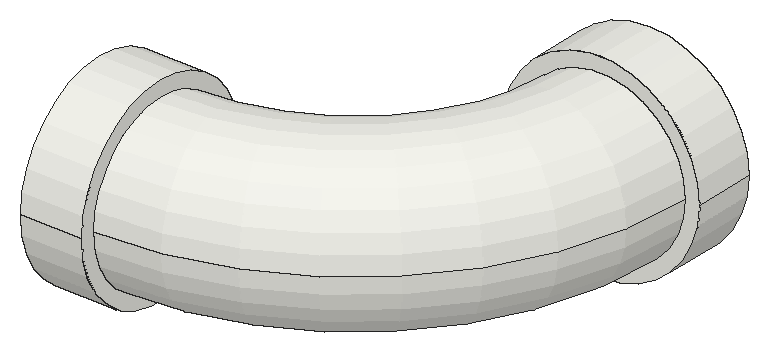
Revit family "Curva_Longa", category Pipe Fittings, Revit 2025
Family settings
  Round Connector Dimension = Use Radius
  Part Type = Elbow
  OmniClass Number = 23.60.30.11.14
  OmniClass Title = Pipework Fittings
  Work Plane-Based = No
  Always vertical = Yes
  Cut with Voids When Loaded = No
  Shared = No
Parameters (values of type "CurvaL")
  Wall Thickness [instance] = size_lookup(Lookup Table Name, "WThk", 0.02 * Nominal Diameter + 33/256", Nominal Diameter)  # 0.156"
  Tick Size [instance] = Fitting Outside Diameter * 0.4  # 0.76"
  Loss Method = Not Defined
  Lookup Table Name = "Bend Long Sweep - PVC - Sch 40 - DWV"
  Length 4 [instance] = Length 1 * sin(Angle)  # 3.437"
  Length 3 [instance] = Length 1 * cos(Angle) + Length 1 - Socket Depth  # 2 3/4"
  Fitting Outside Radius [instance] = Fitting Outside Diameter / 2  # 0.95"
  Fitting Outside Diameter [instance] = size_lookup(Lookup Table Name, "FOD", 1.04 * Nominal Diameter + 23/64", Nominal Diameter)  # 1.9"
  Length 2 [instance] = (Fitting Outside Radius + 1/32") * tan(Angle / 2) + Socket Depth  # 1.66825"
  Nominal Radius [instance] = 3/4"
  Nominal Diameter [instance] = Nominal Radius * 2  # 1 1/2"
  Socket Entrance Diameter [instance] = size_lookup(Lookup Table Name, "SED", 1.04 * Nominal Diameter + 95/256", Nominal Diameter)  # 1.915"
  Length 1 [instance] = if(Center to End > Fitting Outside Radius * tan(Angle / 2) + Socket Depth, Center to End, Length 2)  # 3.437"
  Default Elevation = 0' - 0"
  Center to Socket Bottom [instance] = size_lookup(Lookup Table Name, "CtSB", 1.36 * Nominal Diameter + 41/128", Nominal Diameter)  # 2 3/4"
  Center to End [instance] = Center to Socket Bottom + Socket Depth  # 3.437"
  Center Radius [instance] = (Length 1 - Socket Depth) / tan(Angle / 2)  # 2 3/4"
  Socket Depth [instance] = size_lookup(Lookup Table Name, "SDpt", 0.5 * Nominal Diameter, Nominal Diameter)  # 0.687"
  Socket Outside Radius [instance] = Socket Outside Diameter / 2  # 1.1135"
  Socket Outside Diameter [instance] = Socket Entrance Diameter + Wall Thickness * 2  # 2.227"
  Assembly Code = ""
  Angle [instance] = 90.00°
Reference planes (in)
  plane 1 "Center (Front/Back)": y = 0
  plane 2: z = 0
  plane 3 "Center (Left/Right)": x = 0
  plane 4: x = -2.75
  plane 5: x = -3.437
  plane 6: y = 2.75
  plane 7: y = 0.76
  plane 8: y = -0.76
  plane 9: y = 3.437
  plane 10: x = 0
Forms (in)
  Sweep 1, solid, material "PVC", detail levels fine
    path in 3D
      loop
        arc (-2.75, 0, 0) -> (-0.80546, 0.80546, 0) -> (0, 2.75, 0) r 2.75
    profile origin (-0.80546, 0.80546, 0) x (-0.707107, 0.707107, 0) y (0, 0, 1)
      loop
        circle (0, 0) r 0.95
  Sweep 2, solid, material "PVC", detail levels fine
    path in 3D
      loop
        line (-3.437, 0, 0) -> (-2.75, 0, 0)
    profile origin (-3.0935, 0, 0) x (0, 1, 0) y (0, 0, 1)
      loop
        circle (0, 0) r 1.1135
  Sweep 3, solid, material "PVC", detail levels fine
    path in 3D
      loop
        line (0, 2.75, 0) -> (0, 3.437, 0)
    profile origin (0, 3.0935, 0) x (-1, 0, 0) y (0, 0, 1)
      loop
        circle (0, 0) r 1.1135
Cuts and joins
  joined: Sweep 1, Sweep 2, Sweep 3
Lines and regions (in)
  model lines, detail levels coarse+medium
    curve 1: line (-3.437, 0, 0) -> (-2.75, 0, 0)
    curve 2: arc (-2.75, 0, 0) -> (-0.80546, 0.80546, 0) -> (0, 2.75, 0) r 2.75
    curve 3: line (0, 2.75, 0) -> (0, 3.437, 0)
    curve 8: line (-3.437, 0, 0) -> (-3.437, 0.76, 0)
    curve 9: line (-3.437, 0, 0) -> (-3.437, -0.76, 0)
    curve 10: line (0, 3.437, 0) -> (-0.76, 3.437, 0)
    curve 11: line (0, 3.437, 0) -> (0.76, 3.437, 0)
  sketch lines
    curve 4: arc (-2.75, 0, 0) -> (-0.80546, 0.80546, 0) -> (0, 2.75, 0) r 2.75
    curve 5: line (-3.437, 0, 0) -> (-2.75, 0, 0)
    curve 6: line (0, 2.75, 0) -> (0, 3.437, 0)
  reference lines
    curve 7: line (-3.437, 0, 0) -> (-2.75, 0, 0)
    curve 12: line (0, 3.437, 0) -> (0, 2.75, 0)
Dimensions and locks (in)
  "Center Radius": plane 6 to plane 1 "Center (Front/Back)"
  "Socket Depth": plane 5 to plane 4
  "Tick Size": plane 7 to plane 1 "Center (Front/Back)"
  "Tick Size": plane 8 to plane 1 "Center (Front/Back)"
  "Socket Depth": curve 3 to curve 3
  "Tick Size": curve 10 to curve 10
  "Tick Size": curve 11 to curve 11
  "Length 1": plane 5 to plane 3 "Center (Left/Right)"
  "Length 4": plane 9 to plane 1 "Center (Front/Back)"
  "Length 3": plane 4 to plane 10
  "Center Radius": radius of curve 2
  "Fitting Outside Radius": radius of Sweep 1 sketch curve
  "Socket Outside Radius": radius of Sweep 2 sketch curve
  "Socket Outside Radius": radius of Sweep 3 sketch curve
  "Angle": angle curve 2 to curve 2
  "Angle": angle plane 1 "Center (Front/Back)" to curve 3
  locked: curve 11 to curve 3 (angle 90.00°)
  locked: curve 3 to curve 10 (angle 90.00°)
  "Angle": angle plane 9 to curve 12
  aligned and locked: plane 4 to curve 2
  aligned and locked: plane 5 to curve 7
  aligned and locked: plane 1 "Center (Front/Back)" to curve 7
  aligned and locked: plane 7 to curve 8
  aligned and locked: plane 1 "Center (Front/Back)" to curve 9
  aligned and locked: plane 8 to curve 9
  aligned and locked: curve 9 to plane 5
  aligned and locked: plane 10 to curve 12
  aligned and locked: plane 9 to curve 12
Automatic sketch dimensions
  Sweep 1 sketch curve to profile plane = 0' - 0"  (x2)
  Sweep 2 sketch curve to profile plane = 0' - 0"  (x2)
  Sweep 3 sketch curve to profile plane = 0' - 0"  (x2)
  curve 7 to plane 4 = 0' - 0"
Connectors (in)
  piping at (-3.437, 0, 0), diameter 1.5, driven by "Angle", driven by "Nominal Radius"
    settings: on cut or joined group of Sweep 1, Sweep 2, Sweep 3, index 1, connector inside diameter 1 1/2", connector length 0' - 0", flow factor 0, pipe flow 0 GPM, pressure drop 0.00 psi, fitting loss kfactor 0, connector angle 90.00°, fixture units 0, engagement length 0' - 0", angle of deflection 0.00°, flow configuration 0, flow direction 0, fitting loss method 0, system type 28, joint type 0, gender type 0, connector reference index 2, connector utility 0, adjustable connector no, is connector primary yes, connector description ""
  piping at (0, 3.437, 0), diameter 1.5, driven by "Angle", driven by "Nominal Radius"
    settings: on cut or joined group of Sweep 1, Sweep 2, Sweep 3, index 2, connector inside diameter 1 1/2", connector length 0' - 0", flow factor 0, pipe flow 0 GPM, pressure drop 0.00 psi, fitting loss kfactor 0, connector angle 90.00°, fixture units 0, engagement length 0' - 0", angle of deflection 0.00°, flow configuration 0, flow direction 0, fitting loss method 0, system type 28, joint type 0, gender type 0, connector reference index 1, connector utility 0, adjustable connector no, is connector primary no, connector description ""
